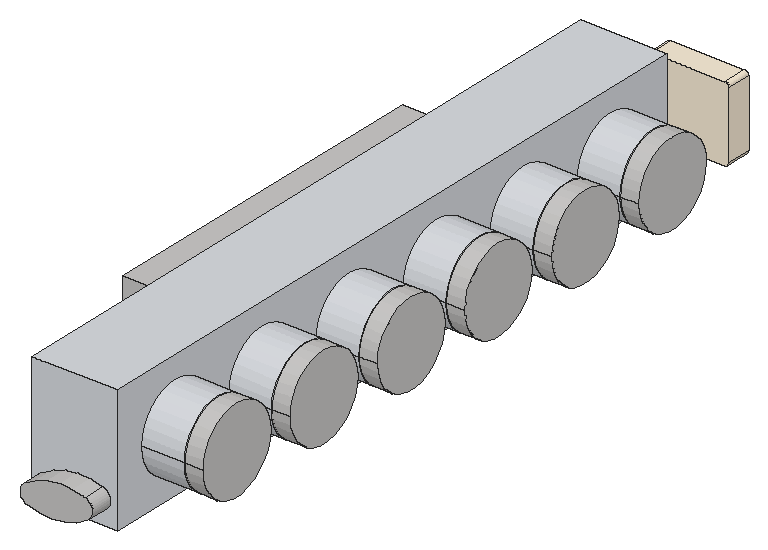
Revit family "HVAC_Ductwork_Airzone_Motorized-Plenum_LG_Standard_6-Dampers", category Mechanical Equipment, Revit 2016
Family settings
  Part Type = Normal
  Round Connector Dimension = Use Diameter
  OmniClass Number = 23.75.70.14
  OmniClass Title = Air Ductwork
  Work Plane-Based = No
  Always vertical = Yes
  Cut with Voids When Loaded = No
  Shared = No
  Room Calculation Point = No
Parameters (values of type "LGEST01M6")
  Voltage = 230 V
  URL = "www.airzone.es"
  Type Image Comments = "Image available in product documentation download"  # constant formula
  Revit Model Version = "1.0"  # constant formula
  Revit Model Author URL = "www.a3d.es"
  Revit Model Author = "A3D Consulting"  # constant formula
  Product Documentation Download URL = "http://doc.airzone.es/BIM/Easyzone/LG-Airzone_motorized_plenum.zip"
  Product Comments = "Refer to technical documentation for further details"  # constant formula
  Power Factor = 1
  Neck Width = 833.600 mm
  Neck Length = 95.000 mm
  Neck Height = 189.600 mm
  Material = Metal - AIRZONE - Galvanized Sheet - Semi-polished
  Main Control Board Material = Plastic - AIRZONE - Smooth - Off-white
  Load Classification = Other
  Insulated Body Width = 205.000 mm  # constant formula
  Insulated Body Material = Metal -AIRZONE - Insulating Lining -Aluminum Finish
  Insulated Body Length = 1638.600 mm  # constant formula
  Insulated Body Height = 300.000 mm  # constant formula
  Flow [instance] = Damper 6 Air Flow + Damper 5 Air Flow + Damper 4 Air Flow + Damper 3 Air Flow + Damper 2 Air Flow + Damper 1 Air Flow - Fresh Air Inlet 2 Flow - Fresh Air Inlet 1 Flow  # 1800 m³/h
  Fresh Air Inlet 1 Flow [instance] = 0 m³/h
  Fresh Air Inlet 2 Flow [instance] = 0 m³/h
  Fresh Air Inlet Connection Width = 175.000 mm
  Fresh Air Inlet Connection Height = 75.000 mm
  Model = "LGEST01M6"
  Neck Side Offset = 413.500 mm
  Neck Bottom Offset = 77.200 mm
  Type Image = <None>
  Manufacturer = "AIRZONE"  # constant formula
  Main Control Board Depth = 57.000 mm  # constant formula
  Main Control Board Width = 195.000 mm  # constant formula
  Main Control Board Height = 180.000 mm  # constant formula
  Fixing = ""
  Disclaimer = "All information provided in this model is reviewed before being published. However, Airzone cannot guarantee this model is error-free, therefore users are strongly encouraged to check for technical documentation and updates"  # constant formula
  Description = "Airzone standard motorized plenum with neck that mechanically adapts to the main ducted AC units of LG."
  Type Comments = ""
  Dampers Length = 149.000 mm  # constant formula
  Dampers Diameter = 200.000 mm  # constant formula
  Damper 6 Air Flow [instance] = 300 m³/h
  Damper 5 Air Flow [instance] = 300 m³/h
  Damper 4 Air Flow [instance] = 300 m³/h
  Damper 1 Air Flow [instance] = 300 m³/h
  Damper 2 Air Flow [instance] = 300 m³/h
  Damper 3 Air Flow [instance] = 300 m³/h
  Fresh Air Inlet Connection Offset Height = 48.305 mm  # constant formula
  Compatible Accesories = ""
  Apparent Load = 57.5 VA
Types (4, lengths in mm): name | Neck Width | Neck Height | Model | Neck Side Offset | Neck Bottom Offset
  LGEST02L6 | 1209.600 | 203.600 | "LGEST02L6" | 215.500 | 63.200
  LGEST02M6 | 860.600 | 203.600 | "LGEST02M6" | 389.000 | 63.200
  LGEST01L6 | 833.600 | 189.600 | "LGEST01L6" | 413.500 | 77.200
  LGEST01M6 | 833.600 | 189.600 | "LGEST01M6" | 413.500 | 77.200
Reference planes
  plane 1 "Center (Front/Back)": y = 0
  plane 2 "Center (Elevation)": z = 0
  plane 3 "Center (Left/Right)": x = 0
  plane 4 "Neck Back": y = 416.8
  plane 5 "Neck Front": y = -416.8
  plane 6 "Neck Top": z = 94.8
  plane 7 "Neck Bottom": z = -94.8
  plane 8 "Left": x = 95
  plane 9 "Bottom": z = -172
  plane 10 "Top": z = 128
  plane 11 "Front": y = -808.3
  plane 12 "Back": y = 830.3
  plane 13 "Right": x = 300
  plane 14 "Dampers Front": x = 449
  plane 15 "Dampers Center (Elevation)": z = -22
  plane 16 "Damper3": y = 141
  plane 17 "Damper2": y = 401
  plane 18 "Damper1": y = 661
  plane 19 "Middle": y = 11
  plane 20 "FreshAir Center (Elevation)": z = -123.695
  plane 21 "FreshAir1": y = 882.8
  plane 22 "FreshAir2": y = -860.8
  plane 23 "Dampers Lining": x = 404
  plane 24 "FreshAir Vertical Axis": x = 195.83
  plane 25 "ConnectionBox Side": x = 254
  plane 26 "Main Control Board Center (Left/Right)": x = 351.5
  plane 27 "Damper4": y = -119
  plane 28 "Damper5": y = -379
  plane 29 "Damper6": y = -639
Forms (mm)
  Extrusion 1, solid, material "Metal - AIRZONE - Galvanized Sheet - Semi-polished" <- "Material"
    sketch origin (0, 0, 0) x (0, 1, 0) y (0, 0, 1)
      loop
        line (-416.8, 94.8) -> (-416.8, -94.8) -> (416.8, -94.8) -> (416.8, 94.8) -> (-416.8, 94.8)
    from 0 to 95
  Extrusion 2, solid, material "Metal -AIRZONE - Insulating Lining -Aluminum Finish" <- "Insulated Body Material"
    sketch origin (95, 0, 0) x (0, 1, 0) y (0, 0, 1)
      loop
        line (-808.3, 128) -> (-808.3, -172) -> (830.3, -172) -> (830.3, 128) -> (-808.3, 128)
    from 0 to 205
  Extrusion 3, solid, material "Metal - AIRZONE - Galvanized Sheet - Semi-polished" <- "Material"
    sketch origin (300, 0, 0) x (0, 1, 0) y (0, 0, 1)
      loop
        circle (141, -22) r 100
    from 104 to 149
  Extrusion 4, solid, material "Metal - AIRZONE - Galvanized Sheet - Semi-polished" <- "Material"
    sketch origin (300, 0, 0) x (0, 1, 0) y (0, 0, 1)
      loop
        circle (401, -22) r 100
    from 104 to 149
  Extrusion 5, solid, material "Metal - AIRZONE - Galvanized Sheet - Semi-polished" <- "Material"
    sketch origin (300, 0, 0) x (0, 1, 0) y (0, 0, 1)
      loop
        circle (661, -22) r 100
    from 104 to 149
  Extrusion 6, solid, material "Metal - AIRZONE - Galvanized Sheet - Semi-polished" <- "Material"
    sketch origin (0, -808.3, 0) x (0, 0, 1) y (1, 0, 0)
      loop
        arc (-91.141, 265.204) -> (-112.608, 282.105) -> (-137.312, 270.434) r 25.96
        arc (-137.312, 270.434) -> (-163.302, 200.598) -> (-155.849, 126.456) r 164.67
        arc (-155.849, 126.456) -> (-134.665, 109.589) -> (-109.994, 120.751) r 25.96
        arc (-109.994, 120.751) -> (-83.725, 190.78) -> (-91.141, 265.204) r 164.67
    from 0 to -52.5
  Extrusion 7, solid, material "Metal - AIRZONE - Galvanized Sheet - Semi-polished" <- "Material"
    sketch origin (0, 830.3, 0) x (0, 0, 1) y (1, 0, 0)
      loop
        arc (-91.141, 265.204) -> (-112.325, 282.071) -> (-136.996, 270.909) r 25.96
        arc (-136.996, 270.909) -> (-163.179, 201.53) -> (-156.267, 127.699) r 164.67
        arc (-156.267, 127.699) -> (-135.032, 109.637) -> (-109.678, 121.226) r 25.96
        arc (-109.678, 121.226) -> (-83.688, 191.062) -> (-91.141, 265.204) r 164.67
    from 0 to 52.5
  Extrusion 8, solid, material "Metal -AIRZONE - Insulating Lining -Aluminum Finish" <- "Insulated Body Material"
    sketch origin (300, 0, 0) x (0, 1, 0) y (0, 0, 1)
      loop
        circle (661, -22) r 100
    from 0 to 104
  Extrusion 9, solid, material "Metal -AIRZONE - Insulating Lining -Aluminum Finish" <- "Insulated Body Material"
    sketch origin (300, -260, 0) x (0, 1, 0) y (0, 0, 1)
      loop
        circle (661, -22) r 100
    from 0 to 104
  Extrusion 10, solid, material "Metal -AIRZONE - Insulating Lining -Aluminum Finish" <- "Insulated Body Material"
    sketch origin (300, -520, 0) x (0, 1, 0) y (0, 0, 1)
      loop
        circle (661, -22) r 100
    from 0 to 104
  Extrusion 11, solid, material "Metal - AIRZONE - Galvanized Sheet - Semi-polished" <- "Material"
    sketch origin (300, -190, 0) x (0, 1, 0) y (0, 0, 1)
      loop
        circle (71, -22) r 100
    from 104 to 149
  Extrusion 12, solid, material "Metal -AIRZONE - Insulating Lining -Aluminum Finish" <- "Insulated Body Material"
    sketch origin (300, -710, 0) x (0, 1, 0) y (0, 0, 1)
      loop
        circle (591, -22) r 100
    from 0 to 104
  Extrusion 13, solid, material "Metal -AIRZONE - Insulating Lining -Aluminum Finish" <- "Insulated Body Material"
    sketch origin (300, -970, 0) x (0, 1, 0) y (0, 0, 1)
      loop
        circle (591, -22) r 100
    from 0 to 104
  Extrusion 14, solid, material "Metal - AIRZONE - Galvanized Sheet - Semi-polished" <- "Material"
    sketch origin (300, -450, 0) x (0, 1, 0) y (0, 0, 1)
      loop
        circle (71, -22) r 100
    from 104 to 149
  Extrusion 15, solid, material "Metal -AIRZONE - Insulating Lining -Aluminum Finish" <- "Insulated Body Material"
    sketch origin (300, -1230, 0) x (0, 1, 0) y (0, 0, 1)
      loop
        circle (591, -22) r 100
    from 0 to 104
  Extrusion 16, solid, material "Metal - AIRZONE - Galvanized Sheet - Semi-polished" <- "Material"
    sketch origin (300, -710, 0) x (0, 1, 0) y (0, 0, 1)
      loop
        circle (71, -22) r 100
    from 104 to 149
Lines and regions (mm)
  Masking region 1
    outline origin (0, 0, 0) x (1, 0, 0) y (0, 1, 0)
      loop
        line (95, 830.3) -> (95, -808.3) -> (300, -808.3) -> (300, 830.3) -> (95, 830.3)
  Masking region 2, detail levels medium+fine
    outline origin (0, 0, 0) x (1, 0, 0) y (0, 1, 0)
      loop
        line (0, 416.8) -> (0, -416.8) -> (95, -416.8) -> (95, 416.8) -> (0, 416.8)
  Masking region 3, detail levels medium+fine
    outline origin (0, 0, 0) x (1, 0, 0) y (0, 1, 0)
      loop
        line (300, 241) -> (300, 41) -> (449, 41) -> (449, 241) -> (300, 241)
  Masking region 4, detail levels medium+fine
    outline origin (0, 260, 0) x (1, 0, 0) y (0, 1, 0)
      loop
        line (300, 241) -> (300, 41) -> (449, 41) -> (449, 241) -> (300, 241)
  Masking region 5, detail levels medium+fine
    outline origin (0, 520, 0) x (1, 0, 0) y (0, 1, 0)
      loop
        line (300, 241) -> (300, 41) -> (449, 41) -> (449, 241) -> (300, 241)
  Masking region 6, detail levels medium+fine
    outline origin (0, 0, -123.695) x (1, 0, 0) y (0, 1, 0)
      loop
        line (108.33, 882.8) -> (108.33, 830.3) -> (283.33, 830.3) -> (283.33, 882.8) -> (108.33, 882.8)
  Masking region 7, detail levels medium+fine
    outline origin (0, 0, -123.695) x (1, 0, 0) y (0, 1, 0)
      loop
        line (108.33, -808.3) -> (108.33, -860.8) -> (283.33, -860.8) -> (283.33, -808.3) -> (108.33, -808.3)
  Masking region 8, detail levels medium+fine
    outline origin (0, 0, 128) x (0, -1, 0) y (1, 0, 0)
      loop
        line (-887.3, 254) -> (-830.3, 254) -> (-830.3, 449) -> (-887.3, 449) -> (-887.3, 254)
  Masking region 9, detail levels medium+fine
    outline origin (0, -190, 0) x (1, 0, 0) y (0, 1, 0)
      loop
        line (300, 171) -> (300, -29) -> (449, -29) -> (449, 171) -> (300, 171)
  Masking region 10, detail levels medium+fine
    outline origin (0, -450, 0) x (1, 0, 0) y (0, 1, 0)
      loop
        line (300, 171) -> (300, -29) -> (449, -29) -> (449, 171) -> (300, 171)
  Masking region 11, detail levels medium+fine
    outline origin (0, -710, 0) x (1, 0, 0) y (0, 1, 0)
      loop
        line (300, 171) -> (300, -29) -> (449, -29) -> (449, 171) -> (300, 171)
  symbolic lines, detail levels coarse
    curve 1: line (95, -808.3, 0) -> (300, 141, 0)
    curve 2: line (300, 141, 0) -> (95, 830.3, 0)
Dimensions and locks
  equal spacing: plane 4 "Neck Back", plane 1 "Center (Front/Back)", plane 5 "Neck Front"
  "Neck Width": plane 4 "Neck Back" to plane 5 "Neck Front"
  equal spacing: plane 6 "Neck Top", level, plane 7 "Neck Bottom"
  "Neck Height": plane 6 "Neck Top" to plane 7 "Neck Bottom"
  "Neck Length": plane 3 "Center (Left/Right)" to plane 8 "Left"
  "Neck Bottom Offset": plane 7 "Neck Bottom" to plane 9 "Bottom"
  "Insulated Body Height": plane 10 "Top" to plane 9 "Bottom"
  "Insulated Body Length": plane 12 "Back" to plane 11 "Front"
  "Insulated Body Width": plane 8 "Left" to plane 13 "Right"
  "Dampers Length": plane 13 "Right" to plane 14 "Dampers Front"
  equal spacing: plane 10 "Top", plane 15 "Dampers Center (Elevation)", plane 9 "Bottom"
  equal spacing: plane 12 "Back", plane 19 "Middle", plane 11 "Front"
  plane 8 "Left" to plane 13 "Right" = 205.000 mm
  "Fresh Air Inlet Connection Offset Height": plane 20 "FreshAir Center (Elevation)" to plane 9 "Bottom"
  locked: Extrusion 6 sketch curve to plane 9 "Bottom" at 56.47
  locked: plane 13 "Right" to Extrusion 6 sketch curve at 43.69
  locked: plane 13 "Right" to Extrusion 6 sketch curve at 164.65
  locked: Extrusion 6 sketch curve to plane 9 "Bottom" at 40.54
  locked: plane 13 "Right" to Extrusion 6 sketch curve at 87.91
  locked: plane 9 "Bottom" to Extrusion 6 sketch curve at 75.01
  locked: plane 13 "Right" to Extrusion 6 sketch curve at 120.43
  locked: Extrusion 6 sketch curve to plane 9 "Bottom" at 172.02
  locked: plane 13 "Right" to Extrusion 7 sketch curve at 43.69
  locked: Extrusion 7 sketch curve to plane 9 "Bottom" at 56.47
  locked: Extrusion 7 sketch curve to plane 9 "Bottom" at 40.54
  locked: plane 13 "Right" to Extrusion 7 sketch curve at 164.65
  locked: plane 13 "Right" to Extrusion 7 sketch curve at 120.43
  locked: Extrusion 7 sketch curve to plane 9 "Bottom" at 172.02
  locked: plane 9 "Bottom" to Extrusion 7 sketch curve at 75.01
  locked: plane 13 "Right" to Extrusion 7 sketch curve at 87.91
  "Neck Side Offset": plane 12 "Back" to plane 4 "Neck Back"
  locked: plane 21 "FreshAir1" to plane 12 "Back" at 52.5
  plane 11 "Front" to plane 22 "FreshAir2" = 52.500 mm
  locked: connector elem to plane 13 "Right" at 104.17
  locked: plane 20 "FreshAir Center (Elevation)" to connector elem
  locked: plane 13 "Right" to connector elem at 104.17
  locked: connector elem to plane 20 "FreshAir Center (Elevation)"
  locked: plane 23 "Dampers Lining" to plane 14 "Dampers Front" at 45
  locked: plane 24 "FreshAir Vertical Axis" to plane 13 "Right" at 104.17
  equal spacing: Masking region 3 sketch curve, plane 16 "Damper3", Masking region 3 sketch curve
  "Dampers Diameter": Masking region 3 sketch curve to Masking region 3 sketch curve
  "Dampers Diameter": Masking region 4 sketch curve to Masking region 4 sketch curve
  equal spacing: Masking region 5 sketch curve, plane 18 "Damper1", Masking region 5 sketch curve
  "Dampers Diameter": Masking region 5 sketch curve to Masking region 5 sketch curve
  equal spacing: Masking region 6 sketch curve, plane 24 "FreshAir Vertical Axis", Masking region 6 sketch curve
  "Fresh Air Inlet Connection Width": Masking region 6 sketch curve to Masking region 6 sketch curve
  equal spacing: Masking region 7 sketch curve, plane 24 "FreshAir Vertical Axis", Masking region 7 sketch curve
  "Fresh Air Inlet Connection Width": Masking region 7 sketch curve to Masking region 7 sketch curve
  "Main Control Board Depth": Masking region 8 sketch curve to plane 12 "Back"
  "Main Control Board Width": plane 25 "ConnectionBox Side" to plane 14 "Dampers Front"
  equal spacing: plane 25 "ConnectionBox Side", plane 26 "Main Control Board Center (Left/Right)", plane 14 "Dampers Front"
  locked: nested 1 to plane 10 "Top" at 10
  equal spacing: Masking region 4 sketch curve, plane 17 "Damper2", Masking region 4 sketch curve
  equal spacing: Masking region 9 sketch curve, plane 27 "Damper4", Masking region 9 sketch curve
  "Dampers Diameter": Masking region 9 sketch curve to Masking region 9 sketch curve
  plane 18 "Damper1" to plane 17 "Damper2" to plane 16 "Damper3" to plane 27 "Damper4" to plane 28 "Damper5" to plane 29 "Damper6" = 260.000 mm locked, 260.000 mm locked, 260.000 mm locked, 260.000 mm locked, 260.000 mm locked
  locked: plane 16 "Damper3" to plane 19 "Middle" at 130
  equal spacing: Masking region 10 sketch curve, plane 28 "Damper5", Masking region 10 sketch curve
  "Dampers Diameter": Masking region 10 sketch curve to Masking region 10 sketch curve
  equal spacing: Masking region 11 sketch curve, plane 29 "Damper6", Masking region 11 sketch curve
  "Dampers Diameter": Masking region 11 sketch curve to Masking region 11 sketch curve
  "Dampers Diameter": diameter of Extrusion 3 sketch curve
  "Dampers Diameter": diameter of Extrusion 4 sketch curve
  "Dampers Diameter": diameter of Extrusion 5 sketch curve
  radius of Extrusion 7 sketch curve = 164.670 mm  (x2)
  radius of Extrusion 7 sketch curve = 25.960 mm  (x2)
  radius of Extrusion 6 sketch curve = 164.670 mm  (x2)
  radius of Extrusion 6 sketch curve = 25.960 mm  (x2)
  "Dampers Diameter": diameter of Extrusion 8 sketch curve
  "Dampers Diameter": diameter of Extrusion 9 sketch curve
  "Dampers Diameter": diameter of Extrusion 10 sketch curve
  "Dampers Diameter": diameter of Extrusion 11 sketch curve
  "Dampers Diameter": diameter of Extrusion 12 sketch curve
  "Dampers Diameter": diameter of Extrusion 13 sketch curve
  "Dampers Diameter": diameter of Extrusion 14 sketch curve
  "Dampers Diameter": diameter of Extrusion 15 sketch curve
  "Dampers Diameter": diameter of Extrusion 16 sketch curve
  aligned and locked: level to plane 2 "Center (Elevation)"
  aligned and locked: plane 5 "Neck Front" to Extrusion 1 sketch curve
  aligned and locked: Extrusion 1 sketch curve to plane 6 "Neck Top"
  aligned and locked: Extrusion 1 sketch curve to plane 4 "Neck Back"
  aligned and locked: plane 7 "Neck Bottom" to Extrusion 1 sketch curve
  aligned and locked: Extrusion 1 to plane 3 "Center (Left/Right)"
  aligned and locked: Extrusion 2 sketch curve to plane 10 "Top"
  aligned and locked: Extrusion 2 sketch curve to plane 12 "Back"
  aligned and locked: Extrusion 2 sketch curve to plane 9 "Bottom"
  aligned and locked: plane 11 "Front" to Extrusion 2 sketch curve
  aligned and locked: Extrusion 2 to plane 13 "Right"
  aligned and locked: Extrusion 2 to plane 8 "Left"
  aligned and locked: plane 16 "Damper3" to Extrusion 3 sketch curve
  aligned and locked: plane 15 "Dampers Center (Elevation)" to Extrusion 3 sketch curve
  aligned and locked: plane 15 "Dampers Center (Elevation)" to Extrusion 4 sketch curve
  aligned and locked: plane 18 "Damper1" to Extrusion 5 sketch curve
  aligned and locked: plane 15 "Dampers Center (Elevation)" to Extrusion 5 sketch curve
  aligned and locked: plane 14 "Dampers Front" to Extrusion 5
  aligned and locked: plane 14 "Dampers Front" to Extrusion 4
  aligned and locked: plane 14 "Dampers Front" to Extrusion 3
  aligned and locked: plane 8 "Left" to Extrusion 1
  aligned and locked: plane 22 "FreshAir2" to Extrusion 6
  aligned and locked: plane 21 "FreshAir1" to Extrusion 7
  aligned and locked: Extrusion 7 to plane 12 "Back"
  aligned and locked: plane 11 "Front" to Extrusion 6
  aligned and locked: Extrusion 5 to plane 23 "Dampers Lining"
  aligned and locked: Extrusion 5 to Extrusion 4
  aligned and locked: Extrusion 4 to Extrusion 3
  aligned and locked: plane 23 "Dampers Lining" to Extrusion 8
  aligned and locked: Extrusion 10 to plane 13 "Right"
  aligned and locked: plane 23 "Dampers Lining" to Extrusion 10
  aligned and locked: Extrusion 9 to plane 13 "Right"
  aligned and locked: plane 23 "Dampers Lining" to Extrusion 9
  aligned and locked: Extrusion 8 to plane 13 "Right"
  aligned and locked: Extrusion 9 to Extrusion 8
  aligned and locked: plane 18 "Damper1" to Extrusion 8 sketch curve
  aligned and locked: plane 15 "Dampers Center (Elevation)" to Extrusion 8 sketch curve
  aligned and locked: plane 15 "Dampers Center (Elevation)" to Extrusion 9 sketch curve
  aligned and locked: plane 16 "Damper3" to Extrusion 10 sketch curve
  aligned and locked: plane 15 "Dampers Center (Elevation)" to Extrusion 10 sketch curve
  aligned and locked: Masking region 1 sketch curve to plane 12 "Back"
  aligned and locked: Masking region 1 sketch curve to plane 8 "Left"
  aligned and locked: Masking region 1 sketch curve to plane 13 "Right"
  aligned and locked: plane 11 "Front" to Masking region 1 sketch curve
  aligned and locked: plane 5 "Neck Front" to Masking region 2 sketch curve
  aligned and locked: plane 3 "Center (Left/Right)" to Masking region 2 sketch curve
  aligned and locked: Masking region 2 sketch curve to plane 4 "Neck Back"
  aligned and locked: Masking region 2 sketch curve to plane 8 "Left"
  aligned and locked: plane 13 "Right" to Masking region 3 sketch curve
  aligned and locked: Masking region 3 sketch curve to plane 14 "Dampers Front"
  aligned and locked: plane 13 "Right" to Masking region 4 sketch curve
  aligned and locked: Masking region 4 sketch curve to plane 14 "Dampers Front"
  aligned and locked: plane 13 "Right" to Masking region 5 sketch curve
  aligned and locked: Masking region 5 sketch curve to plane 14 "Dampers Front"
  aligned and locked: plane 12 "Back" to Masking region 6 sketch curve
  aligned and locked: Masking region 6 sketch curve to plane 21 "FreshAir1"
  aligned and locked: Masking region 7 sketch curve to plane 11 "Front"
  aligned and locked: Masking region 7 sketch curve to plane 22 "FreshAir2"
  aligned and locked: plane 12 "Back" to Masking region 8 sketch curve
  aligned and locked: Masking region 8 sketch curve to plane 14 "Dampers Front"
  aligned and locked: plane 25 "ConnectionBox Side" to Masking region 8 sketch curve
  aligned and locked: plane 17 "Damper2" to Extrusion 9 sketch curve
  aligned and locked: plane 17 "Damper2" to Extrusion 4 sketch curve
  aligned and locked: Masking region 9 sketch curve to plane 14 "Dampers Front"
  aligned and locked: plane 13 "Right" to Masking region 9 sketch curve
  aligned and locked: Extrusion 12 to plane 13 "Right"
  aligned and locked: plane 23 "Dampers Lining" to Extrusion 12
  aligned and locked: Extrusion 11 to plane 23 "Dampers Lining"
  aligned and locked: plane 14 "Dampers Front" to Extrusion 11
  aligned and locked: plane 15 "Dampers Center (Elevation)" to Extrusion 12 sketch curve
  aligned and locked: plane 27 "Damper4" to Extrusion 12 sketch curve
  aligned and locked: plane 15 "Dampers Center (Elevation)" to Extrusion 11 sketch curve
  aligned and locked: plane 27 "Damper4" to Extrusion 11 sketch curve
  aligned and locked: Masking region 10 sketch curve to plane 14 "Dampers Front"
  aligned and locked: plane 13 "Right" to Masking region 10 sketch curve
  aligned and locked: plane 28 "Damper5" to Extrusion 13 sketch curve
  aligned and locked: plane 15 "Dampers Center (Elevation)" to Extrusion 13 sketch curve
  aligned and locked: Extrusion 14 to plane 23 "Dampers Lining"
  aligned and locked: plane 14 "Dampers Front" to Extrusion 14
  aligned and locked: plane 15 "Dampers Center (Elevation)" to Extrusion 14 sketch curve
  aligned and locked: plane 28 "Damper5" to Extrusion 14 sketch curve
  aligned and locked: Masking region 11 sketch curve to plane 14 "Dampers Front"
  aligned and locked: plane 13 "Right" to Masking region 11 sketch curve
  aligned and locked: Extrusion 15 to plane 13 "Right"
  aligned and locked: plane 23 "Dampers Lining" to Extrusion 15
  aligned and locked: plane 29 "Damper6" to Extrusion 15 sketch curve
  aligned and locked: plane 15 "Dampers Center (Elevation)" to Extrusion 15 sketch curve
  aligned and locked: plane 14 "Dampers Front" to Extrusion 16
  aligned and locked: Extrusion 16 to plane 23 "Dampers Lining"
  aligned and locked: plane 15 "Dampers Center (Elevation)" to Extrusion 16 sketch curve
  aligned and locked: plane 29 "Damper6" to Extrusion 16 sketch curve
  aligned and locked: nested 1 to plane 26 "Main Control Board Center (Left/Right)"
Automatic sketch dimensions
  curve 2 to plane 8 "Left" = 0.000 mm
  curve 1 to plane 8 "Left" = 0.000 mm
  curve 2 to plane 13 "Right" = 0.000 mm
  curve 1 to plane 11 "Front" = 0.000 mm
  curve 2 to plane 16 "Damper3" = 0.000 mm
  curve 2 to plane 12 "Back" = 0.000 mm
Nested families
  nested 1: "Airzone_Main-Control-Board" at (351.5, 830.3, 28) x (-1, 0, 0) z (0, 1, 0), Extrusion <- "Main Control Board Depth", Height <- "Main Control Board Height", Width <- "Main Control Board Width", Material <- "Main Control Board Material", type "Standard"
    with Width 195.000 mm, Material Plastic - AIRZONE - Smooth - Off-white, Height 180.000 mm, Extrusion 57.000 mm
Connectors
  hvac at (449, 141, -22), driven by "Damper 3 Air Flow", driven by "Dampers Diameter"
    settings: on Extrusion 3, index 1, duct flow 300 m³/h, flow factor 0, pres drop 0.0 Pa, loss coef 0, conn angle 0.00°, conn width 304.8 mm, conn height 304.8 mm, conn diameter 200 mm, duct sys type 1, conn prof type 0, flow config 0, flow direction 2, loss method 0, conn ref index -1, conn util no, is conn primary no, conn desc "Supply Air Out 3"
  hvac at (449, 401, -22), driven by "Damper 2 Air Flow", driven by "Dampers Diameter"
    settings: on Extrusion 4, index 2, duct flow 300 m³/h, flow factor 0, pres drop 0.0 Pa, loss coef 0, conn angle 0.00°, conn width 304.8 mm, conn height 304.8 mm, conn diameter 200 mm, duct sys type 1, conn prof type 0, flow config 0, flow direction 2, loss method 0, conn ref index -1, conn util no, is conn primary no, conn desc "Supply Air Out 2"
  hvac at (449, 661, -22), driven by "Damper 1 Air Flow", driven by "Dampers Diameter"
    settings: on Extrusion 5, index 3, duct flow 300 m³/h, flow factor 0, pres drop 0.0 Pa, loss coef 0, conn angle 0.00°, conn width 304.8 mm, conn height 304.8 mm, conn diameter 200 mm, duct sys type 1, conn prof type 0, flow config 0, flow direction 2, loss method 0, conn ref index -1, conn util no, is conn primary no, conn desc "Supply Air Out 1"
  hvac at (0, 0, 0), driven by "Flow", driven by "Neck Height", driven by "Neck Width"
    settings: on Extrusion 1, index 6, duct flow 1800 m³/h, flow factor 0, pres drop 0.0 Pa, loss coef 0, conn angle 0.00°, conn width 833.6 mm, conn height 189.6 mm, conn diameter 609.6 mm, duct sys type 1, conn prof type 1, flow config 1, flow direction 1, loss method 0, conn ref index -1, conn util no, is conn primary yes, conn desc "Supply Air In"
  hvac at (195.83, -860.8, -123.695), driven by "Fresh Air Inlet 2 Flow", driven by "Fresh Air Inlet Connection Width", driven by "Fresh Air Inlet Connection Height"
    settings: index 7, duct flow 0 m³/h, flow factor 0, pres drop 0.0 Pa, loss coef 0, conn angle 0.00°, conn width 175 mm, conn height 75 mm, conn diameter 609.6 mm, duct sys type 1, conn prof type 2, flow config 1, flow direction 1, loss method 0, conn ref index -1, conn util no, is conn primary no, conn desc "Fresh Air In 2"
  hvac at (195.83, 882.8, -123.695), driven by "Fresh Air Inlet 1 Flow", driven by "Fresh Air Inlet Connection Height", driven by "Fresh Air Inlet Connection Width"
    settings: index 8, duct flow 0 m³/h, flow factor 0, pres drop 0.0 Pa, loss coef 0, conn angle 0.00°, conn width 175 mm, conn height 75 mm, conn diameter 609.6 mm, duct sys type 1, conn prof type 2, flow config 1, flow direction 1, loss method 0, conn ref index -1, conn util no, is conn primary no, conn desc "Fresh Air In 1"
  hvac at (449, -119, -22), driven by "Damper 4 Air Flow", driven by "Dampers Diameter"
    settings: on Extrusion 11, index 9, duct flow 300 m³/h, flow factor 0, pres drop 0.0 Pa, loss coef 0, conn angle 0.00°, conn width 304.8 mm, conn height 304.8 mm, conn diameter 200 mm, duct sys type 1, conn prof type 0, flow config 0, flow direction 2, loss method 0, conn ref index -1, conn util no, is conn primary no, conn desc "Supply Air Out 4"
  hvac at (449, -379, -22), driven by "Damper 5 Air Flow", driven by "Dampers Diameter"
    settings: on Extrusion 14, index 10, duct flow 300 m³/h, flow factor 0, pres drop 0.0 Pa, loss coef 0, conn angle 0.00°, conn width 304.8 mm, conn height 304.8 mm, conn diameter 200 mm, duct sys type 1, conn prof type 0, flow config 0, flow direction 2, loss method 0, conn ref index -1, conn util no, is conn primary no, conn desc "Supply Air Out 5"
  hvac at (449, -639, -22), driven by "Damper 6 Air Flow", driven by "Dampers Diameter"
    settings: on Extrusion 16, index 11, duct flow 300 m³/h, flow factor 0, pres drop 0.0 Pa, loss coef 0, conn angle 0.00°, conn width 304.8 mm, conn height 304.8 mm, conn diameter 200 mm, duct sys type 1, conn prof type 0, flow config 0, flow direction 2, loss method 0, conn ref index -1, conn util no, is conn primary no, conn desc "Supply Air Out 6"
  electrical at (351.5, 887.3, 28), driven by "Load Classification", driven by "Voltage", driven by "Apparent Load", driven by "Power Factor"
    settings: on nested 1, index 12, voltage 230 V, apparent load 57.5 VA, apparent load phase1 0 VA, apparent load phase2 0 VA, apparent load phase3 0 VA, power factor 1, load classification "Other", number of poles 1, system type 30, power factor state 1, is connector primary yes, connector utility no, sub classification motor no, connector description "Power Supply"
Definition of nested family "Airzone_Main-Control-Board"
  Parameters (values of type "Standard")
    Width [instance] = 195.000 mm
    URL = "www.airzone.es"
    Revit Model Version = "1.0"  # constant formula
    Revit Model Author URL = "www.a3d.es"
    Revit Model Author = "A3D Consulting"  # constant formula
    Material [instance] = none
    Manufacturer = "AIRZONE"  # constant formula
    Height [instance] = 180.000 mm
    Extrusion [instance] = 57.000 mm
    Default Elevation = 0.000 mm
  Reference planes
    plane 1 "Center (Front/Back)": y = 0
    plane 2: z = 0
    plane 3 "Center (Left/Right)": x = 0
    plane 4: y = 90
    plane 5: y = -90
    plane 6: x = 97.5
    plane 7: x = -97.5
  Forms (mm)
    Extrusion 1, solid, material <- "Material"
      sketch origin (0, 0, 0) x (1, 0, 0) y (0, 1, 0)
        loop
          arc (-87.5, 90) -> (-94.571, 87.071) -> (-97.5, 80) r 10
          line (-97.5, 80) -> (-97.5, -80)
          arc (-97.5, -80) -> (-94.571, -87.071) -> (-87.5, -90) r 10
          line (-87.5, -90) -> (87.5, -90)
          arc (87.5, -90) -> (94.571, -87.071) -> (97.5, -80) r 10
          line (97.5, -80) -> (97.5, 80)
          arc (97.5, 80) -> (94.571, 87.071) -> (87.5, 90) r 10
          line (87.5, 90) -> (-87.5, 90)
      from 0 to 57 <- "Extrusion"
  Dimensions and locks
    equal spacing: plane 7, plane 3 "Center (Left/Right)", plane 6
    equal spacing: plane 4, plane 1 "Center (Front/Back)", plane 5
    "Width": plane 7 to plane 6
    "Height": plane 4 to plane 5
    radius of Extrusion 1 sketch curve = 10.000 mm  (x4)
    aligned and locked: level to plane 2
    aligned and locked: plane 5 to Extrusion 1 sketch curve
    aligned and locked: Extrusion 1 sketch curve to plane 6
    aligned and locked: Extrusion 1 sketch curve to plane 4
    aligned and locked: plane 7 to Extrusion 1 sketch curve
